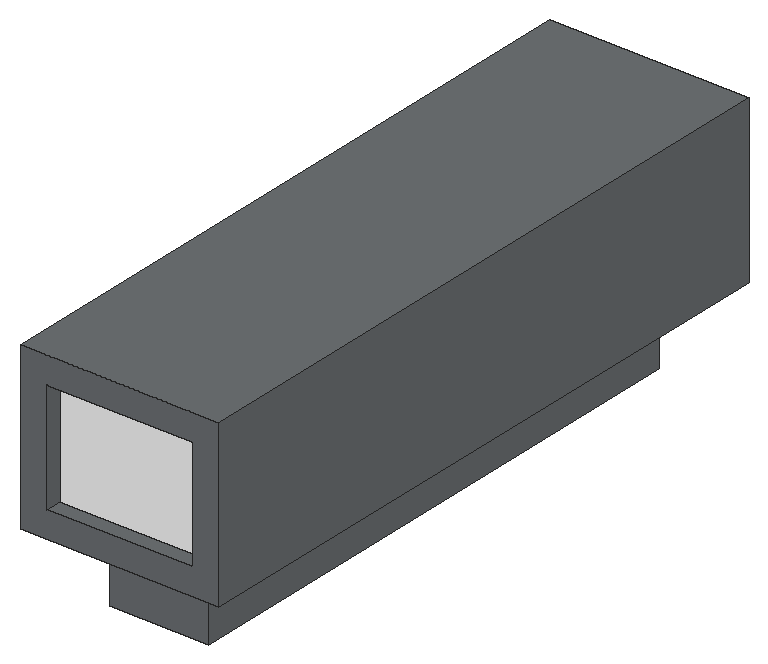
Revit family "Thorn AXYL GLOW", category Lighting Fixtures, host Face, Revit 2023 (continued)
Types (144, lengths in mm): name | Wattage | URL | Type Light Source UP | Type Light Source DOWN | Type Image | Up and Down | Housing Small | Housing Medium | Housing Large | Power Factor | Model | Material Housing | Luminaire Width | Body Size | Apparent Load
  AXYL GLOW L U/D 10L927 WB HF ANT | 29.3 W | "https://www.thornlighting.com/96700205" | Thorn-Light Source-Axyl-Glow : AXYL GLOW L U/D 10L927 WB HF ANT_photometric_data_UP | Thorn-Light Source-Axyl-Glow : AXYL GLOW L U/D 10L927 WB HF ANT_photometric_data_DOWN | TLG_AXYL_F_GLOW_L_ANT.jpg | yes | no | no | yes | 0.95 | "96700205" | Thorn-Aluminium-RAL 7016-Anthracite Grey | 140 | Thorn-Axyl-Glow-Body : Large | 30.8421 VA
  AXYL GLOW L U/D 10L927 WB HF BK | 29.3 W | "https://www.thornlighting.com/96700203" | Thorn-Light Source-Axyl-Glow : AXYL GLOW L U/D 10L927 WB HF BK_photometric_data_UP | Thorn-Light Source-Axyl-Glow : AXYL GLOW L U/D 10L927 WB HF BK_photometric_data_DOWN | TLG_AXYL_F_GLOW_L_BK.jpg | yes | no | no | yes | 0.95 | "96700203" | Thorn-Aluminium-RAL 9005-Jet Black | 140 | Thorn-Axyl-Glow-Body : Large | 30.8421 VA
  AXYL GLOW L U/D 10L927 WB HF WH | 29.3 W | "https://www.thornlighting.com/96700202" | Thorn-Light Source-Axyl-Glow : AXYL GLOW L U/D 10L927 WB HF WH_photometric_data_UP | Thorn-Light Source-Axyl-Glow : AXYL GLOW L U/D 10L927 WB HF WH_photometric_data_DOWN | TLG_AXYL_F_GLOW_L_WH.jpg | yes | no | no | yes | 0.95 | "96700202" | Thorn-Aluminium-RAL 9016-Traffic White | 140 | Thorn-Axyl-Glow-Body : Large | 30.8421 VA
  AXYL GLOW L U/D 10L927 WB RD ANT | 29.3 W | "https://www.thornlighting.com/96701321" | Thorn-Light Source-Axyl-Glow : AXYL GLOW L U/D 10L927 WB RD ANT_photometric_data_UP | Thorn-Light Source-Axyl-Glow : AXYL GLOW L U/D 10L927 WB RD ANT_photometric_data_DOWN | TLG_AXYL_F_GLOW_L_ANT.jpg | yes | no | no | yes | 0.95 | "96701321" | Thorn-Aluminium-RAL 7016-Anthracite Grey | 140 | Thorn-Axyl-Glow-Body : Large | 30.8421 VA
  AXYL GLOW L U/D 10L927 WB RD BK | 29.3 W | "https://www.thornlighting.com/96701319" | Thorn-Light Source-Axyl-Glow : AXYL GLOW L U/D 10L927 WB RD BK_photometric_data_UP | Thorn-Light Source-Axyl-Glow : AXYL GLOW L U/D 10L927 WB RD BK_photometric_data_DOWN | TLG_AXYL_F_GLOW_L_BK.jpg | yes | no | no | yes | 0.95 | "96701319" | Thorn-Aluminium-RAL 9005-Jet Black | 140 | Thorn-Axyl-Glow-Body : Large | 30.8421 VA
  AXYL GLOW L U/D 10L927 WB RD WH | 29.3 W | "https://www.thornlighting.com/96701318" | Thorn-Light Source-Axyl-Glow : AXYL GLOW L U/D 10L927 WB RD WH_photometric_data_UP | Thorn-Light Source-Axyl-Glow : AXYL GLOW L U/D 10L927 WB RD WH_photometric_data_DOWN | TLG_AXYL_F_GLOW_L_WH.jpg | yes | no | no | yes | 0.95 | "96701318" | Thorn-Aluminium-RAL 9016-Traffic White | 140 | Thorn-Axyl-Glow-Body : Large | 30.8421 VA
  AXYL GLOW L U/D 10L930 WB HF ANT | 29.3 W | "https://www.thornlighting.com/96700213" | Thorn-Light Source-Axyl-Glow : AXYL GLOW L U/D 10L930 WB HF ANT_photometric_data_UP | Thorn-Light Source-Axyl-Glow : AXYL GLOW L U/D 10L930 WB HF ANT_photometric_data_DOWN | TLG_AXYL_F_GLOW_L_ANT.jpg | yes | no | no | yes | 0.95 | "96700213" | Thorn-Aluminium-RAL 7016-Anthracite Grey | 140 | Thorn-Axyl-Glow-Body : Large | 30.8421 VA
  AXYL GLOW L U/D 10L930 WB HF BK | 29.3 W | "https://www.thornlighting.com/96700211" | Thorn-Light Source-Axyl-Glow : AXYL GLOW L U/D 10L930 WB HF BK_photometric_data_UP | Thorn-Light Source-Axyl-Glow : AXYL GLOW L U/D 10L930 WB HF BK_photometric_data_DOWN | TLG_AXYL_F_GLOW_L_BK.jpg | yes | no | no | yes | 0.95 | "96700211" | Thorn-Aluminium-RAL 9005-Jet Black | 140 | Thorn-Axyl-Glow-Body : Large | 30.8421 VA
  AXYL GLOW L U/D 10L930 WB HF GY | 29.3 W | "https://www.thornlighting.com/96700212" | Thorn-Light Source-Axyl-Glow : AXYL GLOW L U/D 10L930 WB HF GY_photometric_data_UP | Thorn-Light Source-Axyl-Glow : AXYL GLOW L U/D 10L930 WB HF GY_photometric_data_DOWN | TLG_AXYL_F_GLOW_L_GY.jpg | yes | no | no | yes | 0.95 | "96700212" | Thorn-Aluminium-RAL 9006-White Aluminium | 140 | Thorn-Axyl-Glow-Body : Large | 30.8421 VA
  AXYL GLOW L U/D 10L930 WB HF WH | 29.3 W | "https://www.thornlighting.com/96700210" | Thorn-Light Source-Axyl-Glow : AXYL GLOW L U/D 10L930 WB HF WH_photometric_data_UP | Thorn-Light Source-Axyl-Glow : AXYL GLOW L U/D 10L930 WB HF WH_photometric_data_DOWN | TLG_AXYL_F_GLOW_L_WH.jpg | yes | no | no | yes | 0.95 | "96700210" | Thorn-Aluminium-RAL 9016-Traffic White | 140 | Thorn-Axyl-Glow-Body : Large | 30.8421 VA
  AXYL GLOW L U/D 10L930 WB RD ANT | 29.3 W | "https://www.thornlighting.com/96701329" | Thorn-Light Source-Axyl-Glow : AXYL GLOW L U/D 10L930 WB RD ANT_photometric_data_UP | Thorn-Light Source-Axyl-Glow : AXYL GLOW L U/D 10L930 WB RD ANT_photometric_data_DOWN | TLG_AXYL_F_GLOW_L_ANT.jpg | yes | no | no | yes | 0.95 | "96701329" | Thorn-Aluminium-RAL 7016-Anthracite Grey | 140 | Thorn-Axyl-Glow-Body : Large | 30.8421 VA
  AXYL GLOW L U/D 10L930 WB RD BK | 29.3 W | "https://www.thornlighting.com/96701327" | Thorn-Light Source-Axyl-Glow : AXYL GLOW L U/D 10L930 WB RD BK_photometric_data_UP | Thorn-Light Source-Axyl-Glow : AXYL GLOW L U/D 10L930 WB RD BK_photometric_data_DOWN | TLG_AXYL_F_GLOW_L_BK.jpg | yes | no | no | yes | 0.95 | "96701327" | Thorn-Aluminium-RAL 9005-Jet Black | 140 | Thorn-Axyl-Glow-Body : Large | 30.8421 VA
  AXYL GLOW L U/D 10L930 WB RD GY | 29.3 W | "https://www.thornlighting.com/96701328" | Thorn-Light Source-Axyl-Glow : AXYL GLOW L U/D 10L930 WB RD GY_photometric_data_UP | Thorn-Light Source-Axyl-Glow : AXYL GLOW L U/D 10L930 WB RD GY_photometric_data_DOWN | TLG_AXYL_F_GLOW_L_GY.jpg | yes | no | no | yes | 0.95 | "96701328" | Thorn-Aluminium-RAL 9006-White Aluminium | 140 | Thorn-Axyl-Glow-Body : Large | 30.8421 VA
  AXYL GLOW L U/D 10L930 WB RD WH | 29.3 W | "https://www.thornlighting.com/96701326" | Thorn-Light Source-Axyl-Glow : AXYL GLOW L U/D 10L930 WB RD WH_photometric_data_UP | Thorn-Light Source-Axyl-Glow : AXYL GLOW L U/D 10L930 WB RD WH_photometric_data_DOWN | TLG_AXYL_F_GLOW_L_WH.jpg | yes | no | no | yes | 0.95 | "96701326" | Thorn-Aluminium-RAL 9016-Traffic White | 140 | Thorn-Axyl-Glow-Body : Large | 30.8421 VA
  AXYL GLOW L U/D 10L940 WB HF ANT | 29.3 W | "https://www.thornlighting.com/96700209" | Thorn-Light Source-Axyl-Glow : AXYL GLOW L U/D 10L940 WB HF ANT_photometric_data_UP | Thorn-Light Source-Axyl-Glow : AXYL GLOW L U/D 10L940 WB HF ANT_photometric_data_DOWN | TLG_AXYL_F_GLOW_L_ANT.jpg | yes | no | no | yes | 0.95 | "96700209" | Thorn-Aluminium-RAL 7016-Anthracite Grey | 140 | Thorn-Axyl-Glow-Body : Large | 30.8421 VA
  AXYL GLOW L U/D 10L940 WB HF BK | 29.3 W | "https://www.thornlighting.com/96700207" | Thorn-Light Source-Axyl-Glow : AXYL GLOW L U/D 10L940 WB HF BK_photometric_data_UP | Thorn-Light Source-Axyl-Glow : AXYL GLOW L U/D 10L940 WB HF BK_photometric_data_DOWN | TLG_AXYL_F_GLOW_L_BK.jpg | yes | no | no | yes | 0.95 | "96700207" | Thorn-Aluminium-RAL 9005-Jet Black | 140 | Thorn-Axyl-Glow-Body : Large | 30.8421 VA
  AXYL GLOW L U/D 10L940 WB HF GY | 29.3 W | "https://www.thornlighting.com/96700208" | Thorn-Light Source-Axyl-Glow : AXYL GLOW L U/D 10L940 WB HF GY_photometric_data_UP | Thorn-Light Source-Axyl-Glow : AXYL GLOW L U/D 10L940 WB HF GY_photometric_data_DOWN | TLG_AXYL_F_GLOW_L_GY.jpg | yes | no | no | yes | 0.95 | "96700208" | Thorn-Aluminium-RAL 9006-White Aluminium | 140 | Thorn-Axyl-Glow-Body : Large | 30.8421 VA
  AXYL GLOW L U/D 10L940 WB HF WH | 29.3 W | "https://www.thornlighting.com/96700206" | Thorn-Light Source-Axyl-Glow : AXYL GLOW L U/D 10L940 WB HF WH_photometric_data_UP | Thorn-Light Source-Axyl-Glow : AXYL GLOW L U/D 10L940 WB HF WH_photometric_data_DOWN | TLG_AXYL_F_GLOW_L_WH.jpg | yes | no | no | yes | 0.95 | "96700206" | Thorn-Aluminium-RAL 9016-Traffic White | 140 | Thorn-Axyl-Glow-Body : Large | 30.8421 VA
  AXYL GLOW L U/D 10L940 WB RD ANT | 29.3 W | "https://www.thornlighting.com/96701325" | Thorn-Light Source-Axyl-Glow : AXYL GLOW L U/D 10L940 WB RD ANT_photometric_data_UP | Thorn-Light Source-Axyl-Glow : AXYL GLOW L U/D 10L940 WB RD ANT_photometric_data_DOWN | TLG_AXYL_F_GLOW_L_ANT.jpg | yes | no | no | yes | 0.95 | "96701325" | Thorn-Aluminium-RAL 7016-Anthracite Grey | 140 | Thorn-Axyl-Glow-Body : Large | 30.8421 VA
  AXYL GLOW L U/D 10L940 WB RD BK | 29.3 W | "https://www.thornlighting.com/96701323" | Thorn-Light Source-Axyl-Glow : AXYL GLOW L U/D 10L940 WB RD BK_photometric_data_UP | Thorn-Light Source-Axyl-Glow : AXYL GLOW L U/D 10L940 WB RD BK_photometric_data_DOWN | TLG_AXYL_F_GLOW_L_BK.jpg | yes | no | no | yes | 0.95 | "96701323" | Thorn-Aluminium-RAL 9005-Jet Black | 140 | Thorn-Axyl-Glow-Body : Large | 30.8421 VA
  AXYL GLOW L U/D 10L940 WB RD GY | 29.3 W | "https://www.thornlighting.com/96701324" | Thorn-Light Source-Axyl-Glow : AXYL GLOW L U/D 10L940 WB RD GY_photometric_data_UP | Thorn-Light Source-Axyl-Glow : AXYL GLOW L U/D 10L940 WB RD GY_photometric_data_DOWN | TLG_AXYL_F_GLOW_L_GY.jpg | yes | no | no | yes | 0.95 | "96701324" | Thorn-Aluminium-RAL 9006-White Aluminium | 140 | Thorn-Axyl-Glow-Body : Large | 30.8421 VA
  AXYL GLOW L U/D 10L940 WB RD WH | 29.3 W | "https://www.thornlighting.com/96701322" | Thorn-Light Source-Axyl-Glow : AXYL GLOW L U/D 10L940 WB RD WH_photometric_data_UP | Thorn-Light Source-Axyl-Glow : AXYL GLOW L U/D 10L940 WB RD WH_photometric_data_DOWN | TLG_AXYL_F_GLOW_L_WH.jpg | yes | no | no | yes | 0.95 | "96701322" | Thorn-Aluminium-RAL 9016-Traffic White | 140 | Thorn-Axyl-Glow-Body : Large | 30.8421 VA
